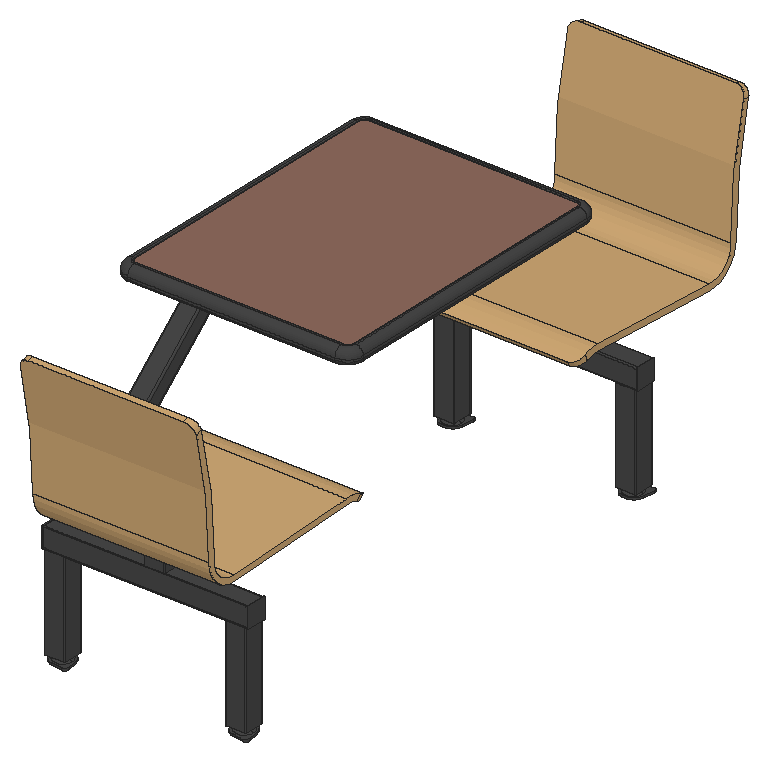
Revit family "Plymold-Essentials-Jupiter-2_Seat_Wall-Legacy", category Furniture, Revit 2021 (continued)
Definition of nested family "Base-Wall_Mount"
  Automatic sketch dimensions
    curve 42 to curve 41 = 0.48535"
    curve 43 to curve 44 = 0.38666"
    curve 44 to curve 45 = 0.42624"
    curve 45 to curve 44 = 0.05402"
    curve 51 to curve 49 = 2.5639"
    curve 47 to curve 48 = 0.36482"
    plane 5 to Extrusion 28 sketch curve = 0"  (x2)
    plane 1 "Center (Front/Back)" to Extrusion 28 sketch curve = 7.2085"
    plane 1 "Center (Front/Back)" to Extrusion 28 sketch curve = 3.22775"
    Extrusion 28 sketch curve to Extrusion 28 sketch curve = 0"  (x2)
    Extrusion 28 sketch curve to Extrusion 28 sketch curve = 3/32"
    Extrusion 28 sketch curve to Extrusion 28 sketch curve = 0.134"  (x2)
    Extrusion 28 sketch curve to plane 1 "Center (Front/Back)" = 3"
    plane 4 to Extrusion 28 sketch curve = 0.11375"
    Extrusion 28 sketch curve to Extrusion 28 sketch curve = 3.98075"
    Extrusion 28 sketch curve to Extrusion 28 sketch curve = 2.15275"
    Extrusion 28 sketch curve to Extrusion 28 sketch curve = 2.13275"
    plane 4 to Extrusion 28 sketch curve = 0"  (x2)
    Extrusion 1 sketch curve to Extrusion 1 sketch curve = 0.18706"
    plane 4 to Extrusion 20 sketch curve = 0"
    plane 1 "Center (Front/Back)" to Extrusion 20 sketch curve = 5.67239"
    Extrusion 20 sketch curve to Extrusion 20 sketch curve = 2.59608"
    plane 4 to Extrusion 20 sketch curve = 2.24146"
    Extrusion 21 sketch curve to plane 1 "Center (Front/Back)" = 5.67239"
    plane 4 to Extrusion 21 sketch curve = 0"
    Extrusion 21 sketch curve to Extrusion 21 sketch curve = 2.59608"
    plane 4 to Extrusion 21 sketch curve = 2.24146"
    radius of curve 10 to Extrusion 9 = 0"
    radius of curve 12 to Extrusion 9 = 0"
    radius of curve 13 to Extrusion 9 = 0"
    radius of curve 15 to Extrusion 9 = 0"
    radius of curve 17 to Extrusion 9 = 0"
    radius of curve 19 to Extrusion 9 = 0"
    radius of curve 23 to Extrusion 9 = 0"
    radius of curve 25 to Extrusion 9 = 0"
    radius of curve 27 to Extrusion 9 = 0"
    radius of curve 29 to Extrusion 9 = 0"
    radius of curve 30 to Extrusion 9 = 0"
    radius of curve 32 to Extrusion 9 = 0"
Definition of nested family "PLM-Cafeteria_Top"
  Parameters (values of type "PLM-Cafeteria_Top")
    W [instance] = 80"
    VE-void [instance] = if(VE, 1 3/4", 1/8")  # 1/8"
    VE [instance] = no
    Top Finish [instance] = none
    TPD-void [instance] = if(TPD, 1 3/4", 1/8")  # 1/8"
    TPD [instance] = no
    Revit Model Built By = "https://servex-us.com/servex-revit/"
    PVC-void [instance] = if(PVC, 1 3/4", 1/8")  # 1/8"
    PVC [instance] = no
    DE-void [instance] = if(DE, 1 3/4", 1/8")  # 1 3/4"
    DE [instance] = yes
    Edge Finish [instance] = none
    Default Elevation = 0"
    D [instance] = 30"
  Reference planes (in)
    plane 1 "Center (Front/Back)": y = 0
    plane 2: z = 0
    plane 3 "Center (Left/Right)": x = 0
    plane 4: x = -40
    plane 5: x = 40
    plane 6: y = 15
    plane 7: y = -15
    plane 8: z = -1.25
    plane 9: z = -1.5
  Forms (in)
    Extrusion 1, solid, material <- "Top Finish"
      sketch origin (0, 0, 0) x (1, 0, 0) y (0, 1, 0)
        loop
          line (-40, 15) -> (-40, -15) -> (40, -15) -> (40, 15) -> (-40, 15)
      from -1.25 to 0
    Sweep 2, solid, material <- "Edge Finish", visible <- "VE"
      path origin (0, 0, 0) x (1, 0, 0) y (0, 1, 0)
        loop
          arc (-36.75, 15) -> (-39.0481, 14.0481) -> (-40, 11.75) r 3.25
          line (-40, 11.75) -> (-40, -11.75)
          arc (-40, -11.75) -> (-39.0481, -14.0481) -> (-36.75, -15) r 3.25
          line (-36.75, -15) -> (36.75, -15)
          arc (36.75, -15) -> (39.0481, -14.0481) -> (40, -11.75) r 3.25
          line (40, -11.75) -> (40, 11.75)
          arc (40, 11.75) -> (39.0481, 14.0481) -> (36.75, 15) r 3.25
          line (36.75, 15) -> (-36.75, 15)
      profile origin (0, 15, 0) x (0, 1, 0) y (0, 0, 1)
        loop
          line (-0.25, 0) -> (-0.25, -1.25)
          arc (-0.25, -1.25) -> (0, -0.625) -> (-0.25, 0) r 0.90625
    Sweep 3, solid, material <- "Edge Finish", visible <- "TPD"
      path origin (0, 0, 0) x (1, 0, 0) y (0, 1, 0)
        loop
          arc (-39.5625, 15) -> (-39.87186, 14.87186) -> (-40, 14.5625) r 0.4375
          line (-40, 14.5625) -> (-40, -14.5625)
          arc (-40, -14.5625) -> (-39.87186, -14.87186) -> (-39.5625, -15) r 0.4375
          line (-39.5625, -15) -> (39.5625, -15)
          arc (39.5625, -15) -> (39.87186, -14.87186) -> (40, -14.5625) r 0.4375
          line (40, -14.5625) -> (40, 14.5625)
          arc (40, 14.5625) -> (39.87186, 14.87186) -> (39.5625, 15) r 0.4375
          line (39.5625, 15) -> (-39.5625, 15)
      profile origin (0, 15, 0) x (0, 1, 0) y (0, 0, 1)
        loop
          line (-0.1875, 0) -> (-0.1875, -1.25)
          arc (-0.1875, -1.25) -> (-0.05539, -1.19996) -> (0, -1.07) r 0.18015
          line (0, -1.07) -> (0, -0.18)
          arc (0, -0.18) -> (-0.05539, -0.05004) -> (-0.1875, 0) r 0.18015
    Extrusion 4, void
      sketch origin (0, 25.31884, -1.5) x (0, 1, 0) y (-1, 0, 0)
        loop
          line (-10.75634, 39.8125) -> (-39.88134, 39.8125)
          arc (-39.88134, 39.8125) -> (-40.05812, 39.73928) -> (-40.13134, 39.5625) r 0.25
          line (-40.13134, 39.5625) -> (-40.13134, -39.5625)
          arc (-40.13134, -39.5625) -> (-40.05812, -39.73928) -> (-39.88134, -39.8125) r 0.25
          line (-39.88134, -39.8125) -> (-10.75634, -39.8125)
          arc (-10.75634, -39.8125) -> (-10.57957, -39.73928) -> (-10.50634, -39.5625) r 0.25
          line (-10.50634, -39.5625) -> (-10.50634, 39.5625)
          arc (-10.50634, 39.5625) -> (-10.57957, 39.73928) -> (-10.75634, 39.8125) r 0.25
        loop
          line (-10.19384, 40.3125) -> (-40.63134, 40.3125) -> (-40.63134, -40.3125) -> (-10.19384, -40.3125) -> (-10.19384, 40.3125)
      from 0 to 0.125 <- "TPD-void"
    Extrusion 5, void
      sketch origin (0, 25.31884, -1.5) x (0, 1, 0) y (-1, 0, 0)
        loop
          line (-13.56884, 39.75) -> (-37.06884, 39.75)
          arc (-37.06884, 39.75) -> (-39.19016, 38.87132) -> (-40.06884, 36.75) r 3
          line (-40.06884, 36.75) -> (-40.06884, -36.75)
          arc (-40.06884, -36.75) -> (-39.19016, -38.87132) -> (-37.06884, -39.75) r 3
          line (-37.06884, -39.75) -> (-13.56884, -39.75)
          arc (-13.56884, -39.75) -> (-11.44752, -38.87132) -> (-10.56884, -36.75) r 3
          line (-10.56884, -36.75) -> (-10.56884, 36.75)
          arc (-10.56884, 36.75) -> (-11.44752, 38.87132) -> (-13.56884, 39.75) r 3
        loop
          line (-9.81884, 40.5) -> (-40.81884, 40.5) -> (-40.81884, -40.5) -> (-9.81884, -40.5) -> (-9.81884, 40.5)
      from 0 to 0.125 <- "VE-void"
    Sweep 6, solid, material <- "Edge Finish", visible <- "DE"
      path origin (0, 25.31884, -1.5) x (0, 1, 0) y (-1, 0, 0)
        loop
          arc (-10.31884, 38.5) -> (-10.75818, 39.56066) -> (-11.81884, 40) r 1.5
          line (-11.81884, 40) -> (-38.81884, 40)
          arc (-38.81884, 40) -> (-39.8795, 39.56066) -> (-40.31884, 38.5) r 1.5
          line (-40.31884, 38.5) -> (-40.31884, -38.5)
          arc (-40.31884, -38.5) -> (-39.8795, -39.56066) -> (-38.81884, -40) r 1.5
          line (-38.81884, -40) -> (-11.81884, -40)
          arc (-11.81884, -40) -> (-10.75818, -39.56066) -> (-10.31884, -38.5) r 1.5
          line (-10.31884, -38.5) -> (-10.31884, 38.5)
      profile origin (0, 15, -1.5) x (0, 1, 0) y (0, 0, 1)
        loop
          arc (0, 0.75) -> (-0.21967, 1.28033) -> (-0.75, 1.5) r 0.75
          line (-0.75, 1.5) -> (-0.94, 1.5) -> (-0.94, 0.25) -> (-0.25, 0.25)
          arc (-0.25, 0.25) -> (-0.07322, 0.32322) -> (0, 0.5) r 0.25
          line (0, 0.5) -> (0, 0.75)
    Extrusion 7, void
      sketch origin (0, 25.31884, -1.5) x (0, 1, 0) y (-1, 0, 0)
        loop
          line (-9.81884, 40.5) -> (-40.81884, 40.5) -> (-40.81884, -40.5) -> (-9.81884, -40.5) -> (-9.81884, 40.5)
        loop
          line (-11.81884, 39.06) -> (-38.81884, 39.06)
          arc (-38.81884, 39.06) -> (-39.21482, 38.89598) -> (-39.37884, 38.5) r 0.56
          line (-39.37884, 38.5) -> (-39.37884, -38.5)
          arc (-39.37884, -38.5) -> (-39.21482, -38.89598) -> (-38.81884, -39.06) r 0.56
          line (-38.81884, -39.06) -> (-11.81884, -39.06)
          arc (-11.81884, -39.06) -> (-11.42286, -38.89598) -> (-11.25884, -38.5) r 0.56
          line (-11.25884, -38.5) -> (-11.25884, 38.5)
          arc (-11.25884, 38.5) -> (-11.42286, 38.89598) -> (-11.81884, 39.06) r 0.56
      from 0 to 1.75 <- "DE-void"
    Sweep 8, solid, material <- "Edge Finish", visible <- "PVC"
      path origin (130, 0, 0) x (1, 0, 0) y (0, 1, 0)
        loop
          arc (-169.5625, 15) -> (-169.87186, 14.87186) -> (-170, 14.5625) r 0.4375
          line (-170, 14.5625) -> (-170, -14.5625)
          arc (-170, -14.5625) -> (-169.87186, -14.87186) -> (-169.5625, -15) r 0.4375
          line (-169.5625, -15) -> (-90.4375, -15)
          arc (-90.4375, -15) -> (-90.12814, -14.87186) -> (-90, -14.5625) r 0.4375
          line (-90, -14.5625) -> (-90, 14.5625)
          arc (-90, 14.5625) -> (-90.12814, 14.87186) -> (-90.4375, 15) r 0.4375
          line (-90.4375, 15) -> (-169.5625, 15)
      profile origin (0, 15, 0) x (0, 1, 0) y (0, 0, 1)
        loop
          line (-0.08, 0) -> (-0.08, -1.25)
          arc (-0.08, -1.25) -> (-0.02412, -1.23315) -> (0, -1.18) r 0.07063
          line (0, -1.18) -> (0, -0.07)
          arc (0, -0.07) -> (-0.02412, -0.01685) -> (-0.08, 0) r 0.07062
    Extrusion 9, void
      sketch origin (0, 25.31884, -1.5) x (0, 1, 0) y (-1, 0, 0)
        loop
          line (-10.75634, 39.92) -> (-39.88134, 39.92)
          arc (-39.88134, 39.92) -> (-40.13413, 39.81529) -> (-40.23884, 39.5625) r 0.3575
          line (-40.23884, 39.5625) -> (-40.23884, -39.5625)
          arc (-40.23884, -39.5625) -> (-40.13413, -39.81529) -> (-39.88134, -39.92) r 0.3575
          line (-39.88134, -39.92) -> (-10.75634, -39.92)
          arc (-10.75634, -39.92) -> (-10.50355, -39.81529) -> (-10.39884, -39.5625) r 0.3575
          line (-10.39884, -39.5625) -> (-10.39884, 39.5625)
          arc (-10.39884, 39.5625) -> (-10.50355, 39.81529) -> (-10.75634, 39.92) r 0.3575
        loop
          line (-10.08634, 40.3125) -> (-40.63134, 40.3125) -> (-40.63134, -40.3125) -> (-10.08634, -40.3125) -> (-10.08634, 40.3125)
      from 0 to 0.125 <- "PVC-void"
  Cuts and joins
    Extrusion 4, Extrusion 5, Extrusion 7, Extrusion 9 cuts Extrusion 1
  Lines and regions (in)
    symbolic lines, visible <- "TPD"
      curve 1: line (-39.5625, 15, -1.5) -> (39.5625, 15, -1.5)
      curve 2: line (-40, -14.5625, -1.5) -> (-40, 14.5625, -1.5)
      curve 3: line (39.5625, -15, -1.5) -> (-39.5625, -15, -1.5)
      curve 4: line (40, 14.5625, -1.5) -> (40, -14.5625, -1.5)
      curve 5: arc (-40, 14.5625, -1.5) -> (-39.87186, 14.87186, -1.5) -> (-39.5625, 15, -1.5) r 0.4375
      curve 6: arc (39.5625, 15, -1.5) -> (39.87186, 14.87186, -1.5) -> (40, 14.5625, -1.5) r 0.4375
      curve 7: arc (40, -14.5625, -1.5) -> (39.87186, -14.87186, -1.5) -> (39.5625, -15, -1.5) r 0.4375
      curve 8: arc (-39.5625, -15, -1.5) -> (-39.87186, -14.87186, -1.5) -> (-40, -14.5625, -1.5) r 0.4375
    symbolic lines, visible <- "DE"
      curve 9: line (38.5, 15, -1.5) -> (-38.5, 15, -1.5)
      curve 10: line (40, -13.5, -1.5) -> (40, 13.5, -1.5)
      curve 11: line (-38.5, -15, -1.5) -> (38.5, -15, -1.5)
      curve 12: line (-40, 13.5, -1.5) -> (-40, -13.5, -1.5)
      curve 13: arc (-38.5, 15, -1.5) -> (-39.56066, 14.56066, -1.5) -> (-40, 13.5, -1.5) r 1.5
      curve 14: arc (38.5, 15, -1.5) -> (39.56066, 14.56066, -1.5) -> (40, 13.5, -1.5) r 1.5
      curve 15: arc (40, -13.5, -1.5) -> (39.56066, -14.56066, -1.5) -> (38.5, -15, -1.5) r 1.5
      curve 16: arc (-38.5, -15, -1.5) -> (-39.56066, -14.56066, -1.5) -> (-40, -13.5, -1.5) r 1.5
    symbolic lines, visible <- "VE"
      curve 17: line (-36.75, 15, -1.5) -> (36.75, 15, -1.5)
      curve 18: line (-40, -11.75, -1.5) -> (-40, 11.75, -1.5)
      curve 19: line (36.75, -15, -1.5) -> (-36.75, -15, -1.5)
      curve 20: line (40, 11.75, -1.5) -> (40, -11.75, -1.5)
      curve 21: arc (-40, 11.75, -1.5) -> (-39.0481, 14.0481, -1.5) -> (-36.75, 15, -1.5) r 3.25
      curve 22: arc (36.75, 15, -1.5) -> (39.0481, 14.0481, -1.5) -> (40, 11.75, -1.5) r 3.25
      curve 23: arc (40, -11.75, -1.5) -> (39.0481, -14.0481, -1.5) -> (36.75, -15, -1.5) r 3.25
      curve 24: arc (-36.75, -15, -1.5) -> (-39.0481, -14.0481, -1.5) -> (-40, -11.75, -1.5) r 3.25
    symbolic lines, visible <- "PVC"
      curve 25: line (-39.5625, 15, -1.5) -> (39.5625, 15, -1.5)
      curve 26: line (-40, -14.5625, -1.5) -> (-40, 14.5625, -1.5)
      curve 27: line (39.5625, -15, -1.5) -> (-39.5625, -15, -1.5)
      curve 28: line (40, 14.5625, -1.5) -> (40, -14.5625, -1.5)
      curve 29: arc (-40, 14.5625, -1.5) -> (-39.87186, 14.87186, -1.5) -> (-39.5625, 15, -1.5) r 0.4375
      curve 30: arc (39.5625, 15, -1.5) -> (39.87186, 14.87186, -1.5) -> (40, 14.5625, -1.5) r 0.4375
      curve 31: arc (40, -14.5625, -1.5) -> (39.87186, -14.87186, -1.5) -> (39.5625, -15, -1.5) r 0.4375
      curve 32: arc (-39.5625, -15, -1.5) -> (-39.87186, -14.87186, -1.5) -> (-40, -14.5625, -1.5) r 0.4375
  Dimensions and locks (in)
    equal spacing: plane 4, plane 3 "Center (Left/Right)", plane 5
    equal spacing: plane 6, plane 1 "Center (Front/Back)", plane 7
    "D": plane 6 to plane 7
    "W": plane 4 to plane 5
    locked: profile plane to Sweep 2 sketch curve at 0.90625
    locked: plane 2 to plane 8 at 1.25
    locked: plane 4 to Sweep 3 sketch curve at 0.4375  (x2)
    locked: Sweep 3 sketch curve to plane 5 at 0.4375  (x2)
    locked: plane 2 to Sweep 3 sketch curve at 0.18
    locked: Sweep 3 sketch curve to plane 8 at 0.18
    locked: plane 6 to Sweep 3 sketch curve at 0.1875
    locked: plane 8 to plane 9 at 0.25
    locked: plane 4 to Extrusion 4 sketch curve at 0.4375  (x2)
    locked: Extrusion 4 sketch curve to plane 5 at 0.4375  (x2)
    locked: plane 4 to Extrusion 4 sketch curve at 0.1875
    locked: plane 6 to Extrusion 4 sketch curve at 0.1875
    locked: Extrusion 4 sketch curve to plane 7 at 0.1875
    locked: Extrusion 4 sketch curve to plane 5 at 0.1875
    locked: Extrusion 4 sketch curve to plane 4 at 0.3125
    locked: plane 5 to Extrusion 4 sketch curve at 0.3125
    Extrusion 4 sketch curve to plane 6 = 1/8"
    locked: plane 7 to Extrusion 4 sketch curve at 0.3125
    locked: Extrusion 4 sketch curve to Extrusion 4 sketch curve at 0.3125
    locked: Extrusion 5 sketch curve to plane 7 at 0.25
    locked: Extrusion 5 sketch curve to plane 5 at 0.25
    locked: plane 6 to Extrusion 5 sketch curve at 0.25
    locked: Extrusion 5 sketch curve to plane 4 at 0.5
    locked: plane 7 to Extrusion 5 sketch curve at 0.5
    locked: plane 5 to Extrusion 5 sketch curve at 0.5
    locked: Extrusion 7 sketch curve to plane 4 at 0.5
    locked: plane 5 to Extrusion 7 sketch curve at 0.5
    locked: plane 7 to Extrusion 7 sketch curve at 0.5
    locked: Extrusion 7 sketch curve to plane 6 at 0.5
    locked: plane 4 to Sweep 2 sketch curve at 3.25  (x2)
    locked: Sweep 2 sketch curve to plane 5 at 3.25  (x2)
    locked: plane 4 to Extrusion 5 sketch curve at 3.25
    locked: Extrusion 5 sketch curve to plane 5 at 3.25  (x2)
    plane 4 to Extrusion 5 sketch curve = 3 1/4"
    locked: plane 4 to Sweep 6 sketch curve at 1.5  (x2)
    locked: Sweep 6 sketch curve to plane 5 at 1.5  (x2)
    locked: plane 2 to Sweep 6 sketch curve at 0.75
    locked: Sweep 6 sketch curve to plane 8 at 0.25
    locked: plane 6 to Sweep 6 sketch curve at 0.75
    locked: plane 6 to Sweep 6 sketch curve at 0.94
    locked: plane 4 to curve 5 at 0.4375
    locked: plane 4 to curve 8 at 0.4375
    locked: curve 8 to plane 7 at 0.4375
    locked: plane 6 to curve 5 at 0.4375
    locked: curve 6 to plane 5 at 0.4375
    locked: curve 7 to plane 5 at 0.4375
    locked: curve 7 to plane 7 at 0.4375
    locked: plane 6 to curve 6 at 0.4375
    locked: curve 15 to plane 5 at 1.5
    locked: curve 15 to plane 7 at 1.5
    locked: plane 6 to curve 14 at 1.5
    locked: curve 14 to plane 5 at 1.5
    locked: plane 4 to curve 13 at 1.5
    locked: plane 6 to curve 13 at 1.5
    locked: curve 16 to plane 7 at 1.5
    locked: plane 4 to curve 16 at 1.5
    locked: plane 4 to curve 21 at 3.25
    locked: plane 6 to curve 21 at 3.25
    locked: curve 24 to plane 7 at 3.25
    locked: plane 4 to curve 24 at 3.25
    locked: curve 23 to plane 5 at 3.25
    locked: curve 23 to plane 7 at 3.25
    locked: plane 6 to curve 22 at 3.25
    locked: curve 22 to plane 5 at 3.25
    locked: plane 2 to Sweep 8 sketch curve at 0.07
    locked: Sweep 8 sketch curve to plane 8 at 0.07
    locked: Extrusion 9 sketch curve to Extrusion 9 sketch curve at 0.3125
    locked: plane 4 to Extrusion 9 sketch curve at 0.08
    locked: Extrusion 9 sketch curve to plane 4 at 0.3125
    locked: Extrusion 9 sketch curve to plane 7 at 0.08
    locked: plane 7 to Extrusion 9 sketch curve at 0.3125
    locked: Extrusion 9 sketch curve to plane 5 at 0.08
    locked: plane 5 to Extrusion 9 sketch curve at 0.3125
    locked: plane 6 to Extrusion 9 sketch curve at 0.08
    Extrusion 9 sketch curve to plane 6 = 0.2325"
    aligned and locked: plane 2 to level
    aligned and locked: Sweep 2 sketch curve to plane 6
    aligned and locked: plane 4 to Sweep 2 sketch curve
    aligned and locked: plane 7 to Sweep 2 sketch curve
    aligned and locked: Sweep 2 sketch curve to plane 5
    aligned and locked: profile plane to Sweep 2 sketch curve
    aligned and locked: plane 8 to Sweep 2 sketch curve
    aligned and locked: plane 2 to Extrusion 1
    aligned and locked: Extrusion 1 to plane 8
    aligned and locked: plane 9 to Extrusion 4
    aligned and locked: plane 9 to Extrusion 5
    aligned and locked: Sweep 6 sketch curve to plane 6
    aligned and locked: plane 4 to Sweep 6 sketch curve
    aligned and locked: plane 7 to Sweep 6 sketch curve
    aligned and locked: Sweep 6 sketch curve to plane 5
    aligned and locked: plane 9 to Extrusion 7
    aligned and locked: Extrusion 5 sketch curve to Sweep 2
    aligned and locked: Extrusion 7 sketch curve to Sweep 6  (x4)
    aligned and locked: plane 4 to curve 2
    aligned and locked: plane 6 to curve 9
    aligned and locked: plane 5 to curve 10
    aligned and locked: curve 11 to plane 7
    aligned and locked: curve 12 to plane 4
    aligned and locked: curve 17 to plane 6
    aligned and locked: plane 4 to curve 18
    aligned and locked: plane 7 to curve 19
    aligned and locked: curve 20 to plane 5
    aligned and locked: plane 4 to Sweep 8 sketch curve
    aligned and locked: Sweep 8 sketch curve to plane 5
    aligned and locked: Sweep 8 sketch curve to plane 6
    aligned and locked: plane 7 to Sweep 8 sketch curve
    aligned and locked: plane 9 to Extrusion 9
    aligned and locked: curve 25 to plane 6
    aligned and locked: plane 7 to curve 27
    aligned and locked: curve 28 to plane 5
  Automatic sketch dimensions
    Extrusion 1 sketch curve to plane 4 = 0"
    Extrusion 1 sketch curve to plane 5 = 0"
    Extrusion 1 sketch curve to plane 7 = 0"
    Extrusion 1 sketch curve to plane 6 = 0"
    profile plane to Sweep 2 sketch curve = 1/4"
    Sweep 3 sketch curve to plane 4 = 0"
    Sweep 3 sketch curve to plane 5 = 0"
    Sweep 3 sketch curve to plane 7 = 0"
    Sweep 3 sketch curve to plane 6 = 0"
    plane 6 to Extrusion 5 sketch curve = 1/2"
    plane 4 to Sweep 8 sketch curve = 7/16"  (x2)
    Sweep 8 sketch curve to Sweep 8 sketch curve = 7/16"
    Sweep 8 sketch curve to plane 5 = 7/16"
    Extrusion 9 sketch curve to Extrusion 9 sketch curve = 0.3575"
    plane 7 to Extrusion 9 sketch curve = 7/16"
    Extrusion 9 sketch curve to plane 6 = 7/16"  (x2)
    Sweep 3 sketch curve to profile plane = 0"
    Sweep 3 sketch curve to plane 2 = 0"
    Sweep 3 sketch curve to Sweep 3 sketch curve = 0.00735"
    Sweep 6 sketch curve to profile plane = 0"
    plane 9 to Sweep 6 sketch curve = 1/4"
    Sweep 8 sketch curve to plane 2 = 0"
    Sweep 8 sketch curve to profile plane = 0"
    Sweep 8 sketch curve to Sweep 8 sketch curve = 0.07062"
    Sweep 8 sketch curve to Sweep 8 sketch curve = 0.00937"
Definition of nested family "Seat_Legacy"
  Parameters (values of type "Seat_Legacy")
    Seat Finish [instance] = none
    Hardware Finish [instance] = none
    Default Elevation = 0"
  Reference planes (in)
    plane 1 "Center (Front/Back)": y = 0
    plane 2: z = 0
    plane 3 "Center (Left/Right)": x = 0
    plane 4: z = -0.25
    plane 5: through (0, 11.09453, 17.69667) normal (0, -0.601, 0.7992)
    plane 6: through (0, 10.94131, 17.24739) normal (0, -0.9613, 0.2756)
    plane 7: through (0, 7.59098, 0.80097) normal (0, 0.0523, 0.9986)
  Forms (in)
    Extrusion 1, solid, material <- "Seat Finish"
      sketch origin (0, 0, 0) x (0, 1, 0) y (0, 0, 1)
        loop
          line (12.83838, 17.50654) -> (12.30153, 17.67445)
          arc (12.30153, 17.67445) -> (10.71587, 10.8167) -> (10.18549, 3.79803) r 46.41121
          arc (10.18549, 3.79803) -> (9.42627, 2.02916) -> (7.62042, 1.3627) r 2.4375
          line (7.62042, 1.3627) -> (-5.86209, 2.06929)
          arc (-5.86209, 2.06929) -> (-7.78185, 1.64351) -> (-9.20786, 0.28953) r 3.67792
          line (-9.20786, 0.28953) -> (-8.7256, 0)
          arc (-8.7256, 0) -> (-7.51768, 1.1469) -> (-5.89153, 1.50756) r 3.11542
          line (-5.89153, 1.50756) -> (7.59098, 0.80097)
          arc (7.59098, 0.80097) -> (9.81357, 1.62123) -> (10.74799, 3.7983) r 3
          arc (10.74799, 3.7983) -> (11.27194, 10.7319) -> (12.83838, 17.50654) r 45.84871
      from -9.52971 to 9.2457
    Extrusion 2, void
      sketch origin (0, 10.94131, 17.24739) x (0, 0.275637, 0.961262) y (-1, 0, 0)
        loop
          line (-0.39471, 7.5) -> (-0.39471, -7.5)
          arc (-0.39471, -7.5) -> (-0.6876, -8.20711) -> (-1.39471, -8.5) r 1
          line (-1.39471, -8.5) -> (-16.85485, -8.5) -> (-16.85485, -9.83917) -> (1.14515, -9.83917) -> (1.14515, 10.16083) -> (-16.85485, 10.16083) -> (-16.85485, 8.5) -> (-1.39471, 8.5)
          arc (-1.39471, 8.5) -> (-0.6876, 8.20711) -> (-0.39471, 7.5) r 1
      from -5.40887 to 4.20138
    Extrusion 3, void
      sketch origin (0, 11.09453, 17.69667) x (0, 0.799223, 0.601034) y (-1, 0, 0)
        loop
          line (-11.92392, 8.5) -> (-11.92392, 10.00358) -> (-27.30016, 10.00358) -> (-27.30016, -10.01836) -> (-11.92392, -10.01836) -> (-11.92392, -8.5) -> (-24.4188, -8.5)
          arc (-24.4188, -8.5) -> (-25.12591, -8.20711) -> (-25.4188, -7.5) r 1
          line (-25.4188, -7.5) -> (-25.4188, 7.5)
          arc (-25.4188, 7.5) -> (-25.12591, 8.20711) -> (-24.4188, 8.5) r 1
          line (-24.4188, 8.5) -> (-11.92392, 8.5)
      from -11.55809 to -1.0668
    Revolve 4, solid, material <- "Hardware Finish"
      sketch origin (0, 0, 0) x (0, 1, 0) y (0, 0, 1)
        loop
          line (0.125, 0.35) -> (0.125, 1.4104) -> (-2.95714, 1.4104) -> (-2.81431, 0.50859)
          arc (-2.81431, 0.50859) -> (-2.75072, 0.39504) -> (-2.62862, 0.35) r 0.188
          line (-2.62862, 0.35) -> (0.125, 0.35)
        axis (0.125, 1.4104) -> (0.125, 0.35)
      angle from 0 to 360
    Extrusion 5, solid, material <- "Hardware Finish"
      sketch origin (0, 7.59098, 0.80097) x (0, 0.99863, -0.052336) y (-1, 0, 0)
        loop
          arc (-12.01664, -2.95542) -> (-11.86255, -3.31645) -> (-11.49527, -3.45496) r 0.5
          line (-11.49527, -3.45496) -> (-7.62831, -3.28953) -> (-4.66638, -3.43627)
          arc (-4.66638, -3.43627) -> (-4.29694, -3.29908) -> (-4.14164, -2.93689) r 0.5
          line (-4.14164, -2.93689) -> (-4.14164, 2.93689)
          arc (-4.14164, 2.93689) -> (-4.29694, 3.29908) -> (-4.66638, 3.43627) r 0.5
          line (-4.66638, 3.43627) -> (-7.62831, 3.28953) -> (-11.49527, 3.45496)
          arc (-11.49527, 3.45496) -> (-11.86255, 3.31645) -> (-12.01664, 2.95542) r 0.5
          line (-12.01664, 2.95542) -> (-12.01664, -2.95542)
      from -0.125 to 0
    Extrusion 6, void
      sketch origin (0, 0, 0) x (0, 1, 0) y (0, 0, 1)
        loop
          line (3.33519, 1.02401) -> (3.33519, 1.85797) -> (-3.41481, 1.85797) -> (-3.41481, 1.37776) -> (3.33519, 1.02401)
      from -5.40975 to 5.45761
    Revolve 7, solid, material <- "Hardware Finish"
      sketch origin (-1.25, 0, 0) x (0, 1, 0) y (0, 0, 1)
        loop
          line (1.25146, 0) -> (1.50146, 0) -> (1.50146, 0.1)
          arc (1.50146, 0.1) -> (1.57468, 0.27678) -> (1.75146, 0.35) r 0.25
          line (1.75146, 0.35) -> (1.25146, 0.35) -> (1.25146, 0)
        axis (1.25146, 0.35) -> (1.25146, 0)
      angle from 0 to 360
    Revolve 8, solid, material <- "Hardware Finish"
      sketch origin (-1.25, -2.5, 0) x (0, 1, 0) y (0, 0, 1)
        loop
          line (1.25146, 0) -> (1.50146, 0) -> (1.50146, 0.1)
          arc (1.50146, 0.1) -> (1.57468, 0.27678) -> (1.75146, 0.35) r 0.25
          line (1.75146, 0.35) -> (1.25146, 0.35) -> (1.25146, 0)
        axis (1.25146, 0.35) -> (1.25146, 0)
      angle from 0 to 360
    Revolve 9, solid, material <- "Hardware Finish"
      sketch origin (1.25, 0, 0) x (0, 1, 0) y (0, 0, -1)
        loop
          line (1.25146, 0) -> (1.25146, -0.35) -> (1.75146, -0.35)
          arc (1.75146, -0.35) -> (1.57468, -0.27678) -> (1.50146, -0.1) r 0.25
          line (1.50146, -0.1) -> (1.50146, 0) -> (1.25146, 0)
        axis (1.25146, -0.35) -> (1.25146, 0)
      angle from 0 to 360
    Revolve 10, solid, material <- "Hardware Finish"
      sketch origin (1.25, -2.5, 0) x (0, 1, 0) y (0, 0, -1)
        loop
          line (1.25146, 0) -> (1.25146, -0.35) -> (1.75146, -0.35)
          arc (1.75146, -0.35) -> (1.57468, -0.27678) -> (1.50146, -0.1) r 0.25
          line (1.50146, -0.1) -> (1.50146, 0) -> (1.25146, 0)
        axis (1.25146, -0.35) -> (1.25146, 0)
      angle from 0 to 360
  Cuts and joins
    Extrusion 2, Extrusion 3 cuts Extrusion 1
    Extrusion 6 cuts Revolve 4
    joined: Revolve 4, Extrusion 5, Revolve 7, Revolve 8, Revolve 9, Revolve 10
  Lines and regions (in)
    symbolic lines
      curve 1: line (-8.5, -6.63152, 0) -> (-8.5, 12.24064, 0)
      curve 2: line (8.5, 12.24064, 0) -> (8.5, -6.63152, 0)
      curve 3: line (-8.5, -7.4907, 0) -> (-7.5, -8.35418, 0)
      curve 4: line (-7.5, -8.35418, 0) -> (7.5, -8.35418, 0)
      curve 5: line (7.5, -8.35418, 0) -> (8.5, -7.4907, 0)
      curve 6: spline (-8.5, 12.24064, 0) -> (-8.49145, 12.27377, 0) -> (-8.46592, 12.30651, 0) -> (-8.42387, 12.3383, 0) -> (-8.366, 12.3686, 0) -> (-8.29331, 12.3969, 0) -> (-8.20705, 12.4227, 0) -> (-8.10869, 12.44556, 0) -> (-7.9999, 12.4651, 0) -> (-7.88257, 12.48098, 0) -> (-7.75869, 12.49293, 0) -> (-7.63038, 12.50074, 0) -> (-7.49984, 12.50428, 0)
      curve 7: line (-7.49984, 12.50428, 0) -> (7.50162, 12.50428, 0)
      curve 8: spline (7.50162, 12.50428, 0) -> (7.63201, 12.50197, 0) -> (7.76014, 12.4952, 0) -> (7.88383, 12.48408, 0) -> (8.00096, 12.4688, 0) -> (8.10954, 12.44963, 0) -> (8.20771, 12.42689, 0) -> (8.29379, 12.40098, 0) -> (8.36632, 12.37232, 0) -> (8.42406, 12.34142, 0) -> (8.46601, 12.30879, 0) -> (8.49147, 12.27501, 0) -> (8.5, 12.24064, 0)
      curve 9: spline (8.5, 11.69978, 0) -> (8.49145, 11.73294, 0) -> (8.46593, 11.76571, 0) -> (8.42387, 11.79754, 0) -> (8.36601, 11.82786, 0) -> (8.29332, 11.85618, 0) -> (8.20706, 11.882, 0) -> (8.10869, 11.90487, 0) -> (7.99991, 11.92442, 0) -> (7.88258, 11.9403, 0) -> (7.75869, 11.95224, 0) -> (7.63038, 11.96004, 0) -> (7.49984, 11.96357, 0)
      curve 10: line (7.49984, 11.96357, 0) -> (-7.50161, 11.96357, 0)
      curve 11: spline (-7.50161, 11.96357, 0) -> (-7.63199, 11.96126, 0) -> (-7.76011, 11.95448, 0) -> (-7.8838, 11.94336, 0) -> (-8.00093, 11.92808, 0) -> (-8.1095, 11.9089, 0) -> (-8.20767, 11.88615, 0) -> (-8.29376, 11.86022, 0) -> (-8.36629, 11.83155, 0) -> (-8.42403, 11.80064, 0) -> (-8.46599, 11.768, 0) -> (-8.49146, 11.73419, 0) -> (-8.5, 11.6998, 0)
      curve 12: line (-8.5, -6.63152, 0) -> (-8.5, -7.4907, 0)
      curve 13: line (8.5, -6.63152, 0) -> (8.5, -7.4907, 0)
  Dimensions and locks (in)
    locked: plane 4 to plane 2 at 0.25
    aligned and locked: plane 2 to level
    aligned and locked: plane 7 to Extrusion 5
    aligned and locked: plane 7 to Extrusion 6 sketch curve
Types (4): name | VE | TPD | PVC | Model | Description | DE
  JURE002DELE | no | no | no | "JURE002DELE" | "2 Seat Wall Unit - Jupiter® Cluster w/Bullnose Dur-A-Edge® Table Top Unit - 23\"W x 59.25\"D x 29.75\"H" | yes
  JURE002TPDLE | no | yes | no | "JURE002TPDLE" | "2 Seat Wall Unit - Jupiter® Cluster w/Thin Dur-A-Edge® Table Top Unit - 23\"W x 59.25\"D x 29.75\"H" | no
  JURE002VELE | yes | no | no | "JURE002VELE" | "2 Seat Wall Unit - Jupiter® Cluster w/Vinyl Edge Table Top Unit - 23\"W x 59.25\"D x 29.75\"H" | no
  JURE002PVCLE | no | no | yes | "JURE002PVCLE" | "2 Seat Wall Unit - Jupiter® Cluster w/PVC Edge Table Top Unit - 23\"W x 59.25\"D x 29.75\"H" | no
